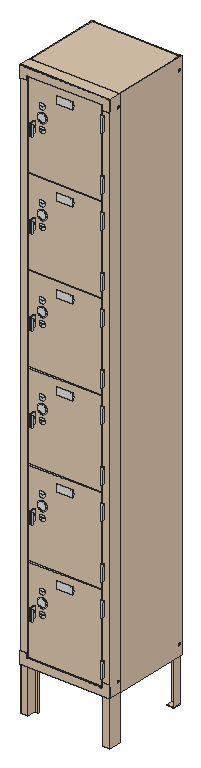
Revit family "Metal_Vented_Lockers-Salsbury_Industries-75000_76000_Series-1_Wide_Units", category Specialty Equipment, Revit 2022 (continued)
Definition of nested family "Metal Locker Zee Base-Right Side"
  Types (4): name | Visible | Depth | Type Comments | Model | Description
    77575 Right - 15" D | yes | 13.362" | "Zee Base Kit for Standard Metal Lockers - No Legs" | "77575" | "4\" H x 6' L - for 12\" Deep Lockers (Includes 6 Foot Front Base, 2 End Bases, Corner Splicer and 4 Rear Legs)"
    77578 Right - 18" D | yes | 16.362" | "Zee Base Kit for Standard Metal Lockers - No Legs" | "77578" | "4\" H x 6' L - for 12\" Deep Lockers (Includes 6 Foot Front Base, 2 End Bases, Corner Splicer and 4 Rear Legs)"
    None | no | 10.362" | "End Base for Standard Metal Lockers" | "" | ""
  Reference planes (in)
    plane 1 "Center (Front/Back)": y = 0
    plane 2: z = 0
    plane 3 "Center (Left/Right)": x = 3.99
    plane 4 "Floor": z = 0
    plane 5 "Top of Enclosure": z = 4
    plane 6 "Left Edge of Insert": x = 4.77
    plane 7 "Right Side of Unit": x = 5.99
    plane 8 "Left Edge of Enclosure": y = -8.181
    plane 9 "Right Edge of Enclosure": y = 8.181
    plane 10 "Bottom Edge of Enclosure": z = 0.06
    plane 11 "Left Edge of Base": x = 1.99
  Forms (in)
    Extrusion 1, solid, material <- "Primary Structure Material", visible <- "Visible"
      sketch origin (5.99, 0, 0) x (0, 0, -1) y (0, -1, 0)
        loop
          line (-4, 6.93967) -> (-4, -6.931) -> (-3.94, -6.931) -> (-3.94, 6.93967) -> (-4, 6.93967)
      from 0.06 to 1.22
    Extrusion 2, solid, material <- "Primary Structure Material", visible <- "Visible"
      sketch origin (0, 0, 0) x (0, -1, 0) y (1, 0, 0)
        loop
          line (-8.181, 1.99) -> (-8.121, 1.99) -> (-8.121, 5.93) -> (8.121, 5.93) -> (8.121, 1.99) -> (8.181, 1.99) -> (8.181, 5.99) -> (-8.181, 5.99) -> (-8.181, 1.99)
      from 0.06 to 4
  Dimensions and locks (in)
    "Height": plane 5 "Top of Enclosure" to plane 4 "Floor"
    equal spacing: plane 8 "Left Edge of Enclosure", plane 1 "Center (Front/Back)", plane 9 "Right Edge of Enclosure"
    "Depth": plane 8 "Left Edge of Enclosure" to plane 9 "Right Edge of Enclosure"
    "Width": plane 11 "Left Edge of Base" to plane 7 "Right Side of Unit"
    equal spacing: plane 11 "Left Edge of Base", plane 3 "Center (Left/Right)", plane 7 "Right Side of Unit"
    locked: plane 4 "Floor" to plane 10 "Bottom Edge of Enclosure" at 0.06
    aligned and locked: level to plane 2
    aligned and locked: plane 6 "Left Edge of Insert" to Extrusion 1
    aligned and locked: Extrusion 2 to plane 9 "Right Edge of Enclosure"
    aligned and locked: Extrusion 2 to plane 10 "Bottom Edge of Enclosure"
    aligned and locked: plane 11 "Left Edge of Base" to Extrusion 2
  Automatic sketch dimensions
    plane 5 "Top of Enclosure" to Extrusion 1 sketch curve = 0.000"
    Extrusion 1 sketch curve to Extrusion 1 sketch curve = 0.060"
    plane 9 "Right Edge of Enclosure" to Extrusion 1 sketch curve = 1.250"
    Extrusion 1 sketch curve to plane 8 "Left Edge of Enclosure" = 1.24133"
    Extrusion 2 sketch curve to plane 7 "Right Side of Unit" = 0.000"
    plane 9 "Right Edge of Enclosure" to Extrusion 2 sketch curve = 0.000"
    plane 6 "Left Edge of Insert" to Extrusion 2 sketch curve = 2.780"  (x2)
    Extrusion 2 sketch curve to Extrusion 2 sketch curve = 0.060"
    plane 7 "Right Side of Unit" to Extrusion 2 sketch curve = 0.060"
    Extrusion 2 sketch curve to plane 8 "Left Edge of Enclosure" = 0.060"
    Extrusion 2 sketch curve to plane 8 "Left Edge of Enclosure" = 0.000"
Definition of nested family "Metal Locker Zee Base-Left Side"
  Parameters (values of type "77572 Left - 12" D")
    Width including Rivet [instance] = 1.290"
    Visible = yes
    Primary Structure Material = none
    Depth = 10.362"
    Version = "1.0 (11/30/15)"
    Type Comments = "Zee Base Kit for Standard Metal Lockers - No Legs"
    Model = "77572"
    MasterFormat Title = ""
    MasterFormat Number = ""
    Manufacturer = "Salsbury Industries"
    Description = "4\" H x 6' L - for 12\" Deep Lockers (Includes 6 Foot Front Base, 2 End Bases, Corner Splicer and 4 Rear Legs)"
    Width = 4.000"
    Height = 4.000"
    Default Elevation = 0.000"
    Assembly Code = ""
  Types (4): name | Visible | Depth | Type Comments | Model | Description
    77572 Left - 12" D | yes | 10.362" | "Zee Base Kit for Standard Metal Lockers - No Legs" | "77572" | "4\" H x 6' L - for 12\" Deep Lockers (Includes 6 Foot Front Base, 2 End Bases, Corner Splicer and 4 Rear Legs)"
    77575 Left - 15" D | yes | 13.362" | "Zee Base Kit for Standard Metal Lockers - No Legs" | "77575" | "4\" H x 6' L - for 12\" Deep Lockers (Includes 6 Foot Front Base, 2 End Bases, Corner Splicer and 4 Rear Legs)"
    77578 Left- 18" D | yes | 16.362" | "Zee Base Kit for Standard Metal Lockers - No Legs" | "77578" | "4\" H x 6' L - for 12\" Deep Lockers (Includes 6 Foot Front Base, 2 End Bases, Corner Splicer and 4 Rear Legs)"
    None | no | 10.362" | "End Base for Standard Metal Lockers" | "" | ""
  Reference planes (in)
    plane 1 "Center (Front/Back)": y = 0
    plane 2: z = 0
    plane 3 "Center (Left/Right)": x = 3.99
    plane 4 "Floor": z = 0
    plane 5 "Top of Enclosure": z = 4
    plane 6 "Right Side of Unit": x = 5.99
    plane 7 "Left Edge of Enclosure": y = -5.181
    plane 8 "Right Edge of Enclosure": y = 5.181
    plane 9 "Bottom Edge of Enclosure": z = 0.06
    plane 10 "Left Edge of Base": x = 1.99
    plane 11 "Right Edge of Inser": x = 3.21
  Forms (in)
    Extrusion 1, solid, material <- "Primary Structure Material", visible <- "Visible"
      sketch origin (7.98, 0, 0) x (0, -1, 0) y (1, 0, 0)
        loop
          line (-5.181, -1.99) -> (-5.181, -5.99) -> (5.181, -5.99) -> (5.181, -1.99) -> (5.121, -1.99) -> (5.121, -5.93) -> (-5.121, -5.93) -> (-5.121, -1.99) -> (-5.181, -1.99)
      from 0.06 to 4
    Extrusion 2, solid, material <- "Primary Structure Material", visible <- "Visible"
      sketch origin (1.99, 0, 0) x (0, 0, -1) y (0, 1, 0)
        loop
          line (-4, -3.93967) -> (-3.94, -3.93967) -> (-3.94, 3.931) -> (-4, 3.931) -> (-4, -3.93967)
      from 0.06 to 1.22
  Dimensions and locks (in)
    "Height": plane 5 "Top of Enclosure" to plane 4 "Floor"
    equal spacing: plane 7 "Left Edge of Enclosure", plane 1 "Center (Front/Back)", plane 8 "Right Edge of Enclosure"
    "Depth": plane 7 "Left Edge of Enclosure" to plane 8 "Right Edge of Enclosure"
    "Width": plane 10 "Left Edge of Base" to plane 6 "Right Side of Unit"
    equal spacing: plane 10 "Left Edge of Base", plane 3 "Center (Left/Right)", plane 6 "Right Side of Unit"
    locked: plane 4 "Floor" to plane 9 "Bottom Edge of Enclosure" at 0.06
    aligned and locked: level to plane 2
    aligned and locked: plane 10 "Left Edge of Base" to Extrusion 1
  Automatic sketch dimensions
    plane 8 "Right Edge of Enclosure" to Extrusion 1 sketch curve = 0.000"
    Extrusion 1 sketch curve to plane 6 "Right Side of Unit" = 0.000"  (x2)
    plane 7 "Left Edge of Enclosure" to Extrusion 1 sketch curve = 0.000"
    Extrusion 1 sketch curve to plane 10 "Left Edge of Base" = 0.000"
    Extrusion 1 sketch curve to Extrusion 1 sketch curve = 0.060"
    plane 7 "Left Edge of Enclosure" to Extrusion 1 sketch curve = 0.060"
    plane 10 "Left Edge of Base" to Extrusion 1 sketch curve = 0.060"
    plane 5 "Top of Enclosure" to Extrusion 2 sketch curve = 0.000"
    Extrusion 2 sketch curve to Extrusion 2 sketch curve = 0.060"
    Extrusion 2 sketch curve to plane 7 "Left Edge of Enclosure" = 1.24133"
    plane 8 "Right Edge of Enclosure" to Extrusion 2 sketch curve = 1.250"
Definition of nested family "Metal Locker Zee Base Corner"
  Parameters (values of type "77572, 77575, 77578")
    Width = 2.000"
    Visible = yes
    Version = "1.0 (11/30/15)"
    Type Comments = "Zee Base Kit for Standard Metal Lockers - No Legs"
    Primary Structure Material = none
    Model = "n/a"
    Manufacturer = "Salsbury Industries"
    Height = 3.940"
    Description = "4\" H x 6' L - for 12\" Deep Lockers (Includes 6 Foot Front Base, 2 End Bases, Corner Splicer and 4 Rear Legs)"
    Depth = 2.000"
    Default Elevation = 0.000"
  Types (2): name | Visible
    77572, 77575, 77578 | yes
    None | no
  Reference planes (in)
    plane 1 "Center (Front/Back)": y = 0
    plane 2 "Bottom of Component": z = 0
    plane 3 "Center (Left/Right)": x = 0
    plane 4: z = 3.94
    plane 5: x = -1
    plane 6: x = 1
    plane 7 "Front": y = -1
    plane 8 "Back": y = 1
  Forms (in)
    Extrusion 1, solid, material <- "Primary Structure Material", visible <- "Visible"
      sketch origin (0, 0, 0) x (1, 0, 0) y (0, 1, 0)
        loop
          line (-1, 1) -> (-1, 0.94) -> (0.94, 0.94) -> (0.94, -1) -> (1, -1) -> (1, 1) -> (-1, 1)
      from 0 to 3.94
  Dimensions and locks (in)
    "Height": plane 4 to plane 2 "Bottom of Component"
    equal spacing: plane 5, plane 3 "Center (Left/Right)", plane 6
    "Width": plane 5 to plane 6
    equal spacing: plane 7 "Front", plane 1 "Center (Front/Back)", plane 8 "Back"
    "Depth": plane 7 "Front" to plane 8 "Back"
    aligned and locked: plane 2 "Bottom of Component" to level
  Automatic sketch dimensions
    Extrusion 1 sketch curve to plane 5 = 0.000"
    plane 7 "Front" to Extrusion 1 sketch curve = 0.000"
    Extrusion 1 sketch curve to plane 6 = 0.000"
    plane 8 "Back" to Extrusion 1 sketch curve = 0.000"
    plane 6 to Extrusion 1 sketch curve = 0.060"
    Extrusion 1 sketch curve to Extrusion 1 sketch curve = 0.060"
Definition of nested family "Metal Locker End Panel"
  Parameters (values of type "77362 - for 6' H x 12" D Lockers")
    Width = 0.925"
    Visible = yes
    Version = "1.0 (11/30/15)"
    Type Comments = "Finished End Panel for Standard Metal Lockers"
    Primary Structure Material = none
    Model = "77362"
    MasterFormat Title = ""
    MasterFormat Number = ""
    Manufacturer = "Salsbury Industries"
    Height = 72.000"
    Description = "End Panel for 6' H x 12\" Deep Lockers"
    Depth = 12.010"
    Default Elevation = 0.000"
    Assembly Code = ""
  Types (7): name | Visible | Model | Height | Description | Depth
    77362 - for 6' H x 12" D Lockers | yes | "77362" | 72.000" | "End Panel for 6' H x 12\" Deep Lockers" | 12.010"
    77365 - for 6' H x 15" D Lockers | yes | "77365" | 72.000" | "End Panel for 6' H x 15\" Deep Lockers" | 15.010"
    77368 - for 6' H X 18" D Lockers | yes | "77368" | 72.000" | "End Panel for 6' H x 18\" Deep Lockers" | 18.010"
    77352 - for 5' H x 12" D Lockers | yes | "77352" | 60.000" | "End Panel for 5' H x 12\" Deep Lockers" | 12.010"
    77355 - for 5' H x 15" D Lockers | yes | "77355" | 60.000" | "End Panel for 5' H x 15\" Deep Lockers" | 15.010"
    77358 - for 5' H x 18" D Lockers | yes | "77358" | 60.000" | "End Panel for 5' H x 18\" Deep Lockers" | 18.010"
    None | no | "n/a" | 72.000" | "" | 12.010"
  Reference planes (in)
    plane 1 "Center (Front/Back)": y = -2.167
    plane 2: z = 0
    plane 3 "Center (Left/Right)": x = -4.595
    plane 4 "Bottom of Panel": z = 0
    plane 5 "Top of Panel": z = 72
    plane 6 "Front of Panel": y = -8.172
    plane 7 "Right Side of Enclosure": x = -4.1325
    plane 8 "Left Side of Enclosure": x = -5.0575
    plane 9 "Back of Panel": y = 3.838
    plane 10: z = 36
    plane 11: z = 70.283
    plane 12: z = 1.717
    plane 13 "Outside Edge of Front Flap": y = -8.23214
    plane 14 "Outside Edge of Back Flap": y = 3.898
  Forms (in)
    Extrusion 1, solid, material <- "Primary Structure Material", visible <- "Visible"
      sketch origin (-4.1325, 0.48244, 0) x (0, 0, -1) y (0, -1, 0)
        loop
          line (-72, 8.71458) -> (-72, -3.41556) -> (0, -3.41556) -> (0, 8.71458) -> (-72, 8.71458)
      from 0 to -0.06
    Extrusion 2, solid, material <- "Primary Structure Material", visible <- "Visible"
      sketch origin (0, 3.838, 0) x (0, 0, -1) y (1, 0, 0)
        loop
          line (-72, -5.0575) -> (0, -5.0575) -> (0, -4.1325) -> (-72, -4.1325) -> (-72, -5.0575)
      from 0 to -0.06
    Extrusion 3, solid, material <- "Primary Structure Material", visible <- "Visible"
      sketch origin (0, -8.172, 0) x (1, 0, 0) y (0, 0, 1)
        loop
          line (-5.0575, 70.283) -> (-5.0575, 1.717) -> (-4.1325, 1.717) -> (-4.1325, 70.283) -> (-5.0575, 70.283)
      from 0.06014 to 0
  Dimensions and locks (in)
    equal spacing: plane 6 "Front of Panel", plane 1 "Center (Front/Back)", plane 9 "Back of Panel"
    "Depth": plane 6 "Front of Panel" to plane 9 "Back of Panel"
    equal spacing: plane 8 "Left Side of Enclosure", plane 3 "Center (Left/Right)", plane 7 "Right Side of Enclosure"
    "Width": plane 8 "Left Side of Enclosure" to plane 7 "Right Side of Enclosure"
    equal spacing: plane 5 "Top of Panel", plane 10, plane 2
    "Height": plane 5 "Top of Panel" to plane 2
    locked: plane 5 "Top of Panel" to plane 11 at 1.717
    locked: plane 13 "Outside Edge of Front Flap" to plane 6 "Front of Panel" at 0.06014
    locked: plane 9 "Back of Panel" to plane 14 "Outside Edge of Back Flap" at 0.06
    aligned and locked: level to plane 2
    aligned and locked: plane 5 "Top of Panel" to Extrusion 1 sketch curve
    aligned and locked: plane 5 "Top of Panel" to Extrusion 2 sketch curve
    aligned and locked: Extrusion 2 to plane 9 "Back of Panel"
    aligned and locked: plane 11 to Extrusion 3 sketch curve
    aligned and locked: plane 6 "Front of Panel" to Extrusion 3
    aligned and locked: plane 14 "Outside Edge of Back Flap" to Extrusion 2
    aligned and locked: Extrusion 1 to plane 14 "Outside Edge of Back Flap"
    aligned and locked: plane 13 "Outside Edge of Front Flap" to Extrusion 3
    aligned and locked: Extrusion 2 to plane 7 "Right Side of Enclosure"
    aligned and locked: Extrusion 3 to plane 7 "Right Side of Enclosure"
  Automatic sketch dimensions
    Extrusion 1 sketch curve to level = 0.000"
    Extrusion 2 sketch curve to level = 0.000"
    plane 8 "Left Side of Enclosure" to Extrusion 2 sketch curve = 0.000"
    plane 7 "Right Side of Enclosure" to Extrusion 2 sketch curve = 0.000"
    plane 8 "Left Side of Enclosure" to Extrusion 3 sketch curve = 0.000"
    Extrusion 3 sketch curve to plane 12 = 0.000"
    plane 7 "Right Side of Enclosure" to Extrusion 3 sketch curve = 0.000"
    Extrusion 1 sketch curve to plane 14 "Outside Edge of Back Flap" = 0.000"
    plane 6 "Front of Panel" to Extrusion 1 sketch curve = 0.06014"
Definition of nested family "Metal Locker Front Filler"
  Parameters (values of type "77869 - for 6' H Lockers (Zee Base or No Legs)")
    Width = 9.000"
    Visible = yes
    Version = "1.0 (11/30/15)"
    Type Comments = "Vertical Front Filler for Standard Metal Lockers"
    Primary Structure Material = none
    Model = "77865"
    MasterFormat Title = ""
    MasterFormat Number = ""
    Manufacturer = "Salsbury Industries"
    Height = 72.000"
    Description = "9\" W Vertical Front Filler for 6' H Lockers"
    Depth = 1.500"
    Default Elevation = 0.000"
    Assembly Code = ""
  Types (9): name | Width | Visible | Model | Height | Description | Depth
    77865 - for 6' H Lockers with Legs | 15.000" | yes | "77865" | 78.000" | "15\" W Vertical Front Filler for 6' H Lockers" | 1.000"
    77869 - for 6' H Lockers with Legs | 9.000" | yes | "77865" | 78.000" | "9\" W Vertical Front Filler for 6' H Lockers" | 1.000"
    77855 - for 5' H Lockers with Legs | 15.000" | yes | "77855" | 66.000" | "15\" W Vertical Front Filler for 5' H Lockers" | 1.000"
    77859 - for 5' H Lockers with Legs | 9.000" | yes | "77859" | 66.000" | "9\" W Vertical Front Filler for 5' H Lockers" | 1.000"
    None | 15.000" | no | "n/a" | 78.000" | "" | 1.500"
    77865 - for 6' H Lockers (Zee Base or No Legs) | 15.000" | yes | "77865" | 72.000" | "15\" W Vertical Front Filler for 6' H Lockers" | 1.000"
    77869 - for 6' H Lockers (Zee Base or No Legs) | 9.000" | yes | "77865" | 72.000" | "9\" W Vertical Front Filler for 6' H Lockers" | 1.500"
    77859 - for 5' H Lockers (Zee Base or No Legs) | 9.000" | yes | "77859" | 60.000" | "9\" W Vertical Front Filler for 5' H Lockers" | 1.000"
    77855 - for 5' H Lockers (Zee Base or No Legs) | 15.000" | yes | "77855" | 60.000" | "15\" W Vertical Front Filler for 5' H Lockers" | 1.000"
  Reference planes (in)
    plane 1 "Center (Front/Back)": y = -2.167
    plane 2: z = 0
    plane 3 "Center (Left/Right)": x = -4.595
    plane 4 "Bottom of Filler": z = 0
    plane 5 "Top of Panel": z = 72
    plane 6 "Front of Filler": y = -2.917
    plane 7 "Right Side of Filler": x = -0.095
    plane 8 "Left Side of Filler": x = -9.095
    plane 9 "Back of Filler": y = -1.417
    plane 10: z = 36
  Forms (in)
    Extrusion 1, solid, material <- "Primary Structure Material", visible <- "Visible"
      sketch origin (0, 0, 0) x (0, -1, 0) y (1, 0, 0)
        loop
          line (1.417, -9.095) -> (2.917, -9.095) -> (2.917, -1.095) -> (2.869, -1.095) -> (2.869, -9.047) -> (1.417, -9.047) -> (1.417, -9.095)
      from 0 to 72
    Extrusion 2, solid, material <- "Primary Structure Material", visible <- "Visible"
      sketch origin (0, -0.20425, 0) x (0, -1, 0) y (1, 0, 0)
        loop
          line (1.30875, -0.095) -> (1.30875, -0.143) -> (2.76075, -0.143) -> (2.76075, -1.595) -> (2.80875, -1.595) -> (2.80875, -0.095) -> (1.30875, -0.095)
      from 0 to 72
    Extrusion 3, solid, material <- "Primary Structure Material", visible <- "Visible"
      sketch origin (0, 0.10825, 0) x (0, -1, 0) y (1, 0, 0)
        loop
          line (3.07325, -1.595) -> (3.07325, -0.82524) -> (3.02525, -0.82524) -> (3.02525, -1.376) -> (3.02525, -1.449) -> (3.02525, -1.522) -> (3.02525, -1.595) -> (3.07325, -1.595)
      from 0 to 72
    Extrusion 4, solid, material <- "Primary Structure Material", visible <- "Visible"
      sketch origin (0, 0, 0) x (0, -1, 0) y (1, 0, 0)
        loop
          line (2.917, -0.82524) -> (2.821, -0.82524) -> (2.821, -1.80024) -> (2.869, -1.80024) -> (2.869, -0.87324) -> (2.917, -0.87324) -> (2.917, -0.82524)
      from 0 to 72
  Dimensions and locks (in)
    equal spacing: plane 6 "Front of Filler", plane 1 "Center (Front/Back)", plane 9 "Back of Filler"
    "Depth": plane 6 "Front of Filler" to plane 9 "Back of Filler"
    equal spacing: plane 8 "Left Side of Filler", plane 3 "Center (Left/Right)", plane 7 "Right Side of Filler"
    "Width": plane 8 "Left Side of Filler" to plane 7 "Right Side of Filler"
    equal spacing: plane 5 "Top of Panel", plane 10, plane 2
    "Height": plane 5 "Top of Panel" to plane 2
    aligned and locked: level to plane 2
    aligned and locked: Extrusion 1 to plane 5 "Top of Panel"
    aligned and locked: Extrusion 2 to plane 5 "Top of Panel"
    aligned and locked: Extrusion 3 to plane 5 "Top of Panel"
    aligned and locked: Extrusion 4 to plane 5 "Top of Panel"
  Automatic sketch dimensions
    plane 9 "Back of Filler" to Extrusion 1 sketch curve = 0.000"
    plane 6 "Front of Filler" to Extrusion 1 sketch curve = 0.000"
    Extrusion 1 sketch curve to plane 8 "Left Side of Filler" = 0.000"
    Extrusion 1 sketch curve to plane 6 "Front of Filler" = 0.048"
    Extrusion 1 sketch curve to Extrusion 1 sketch curve = 0.048"
    plane 7 "Right Side of Filler" to Extrusion 1 sketch curve = 1.000"
    Extrusion 2 sketch curve to plane 7 "Right Side of Filler" = 0.000"
    plane 7 "Right Side of Filler" to Extrusion 2 sketch curve = 0.048"
    plane 9 "Back of Filler" to Extrusion 2 sketch curve = 0.096"
    plane 6 "Front of Filler" to Extrusion 2 sketch curve = 0.048"
    Extrusion 2 sketch curve to Extrusion 2 sketch curve = 0.048"
    Extrusion 2 sketch curve to Extrusion 2 sketch curve = 1.452"
    plane 6 "Front of Filler" to Extrusion 3 sketch curve = 0.000"
    plane 7 "Right Side of Filler" to Extrusion 3 sketch curve = 1.500"
    Extrusion 3 sketch curve to Extrusion 3 sketch curve = 0.073"  (x3)
    Extrusion 3 sketch curve to Extrusion 3 sketch curve = 0.55076"
    Extrusion 3 sketch curve to Extrusion 3 sketch curve = 0.048"
    plane 6 "Front of Filler" to Extrusion 4 sketch curve = 0.000"
    Extrusion 4 sketch curve to plane 6 "Front of Filler" = 0.048"
    Extrusion 4 sketch curve to Extrusion 4 sketch curve = 0.048"  (x2)
    plane 7 "Right Side of Filler" to Extrusion 4 sketch curve = 1.70524"
    plane 7 "Right Side of Filler" to Extrusion 4 sketch curve = 0.77824"
Definition of nested family "Metal Locker Flat Top Filler"
  Parameters (values of type "77842 - for 12" Deep Lockers (15" W)")
    Width = 16.250"
    Visible = yes
    Version = "1.0 (11/30/15)"
    Type Comments = "Flat Top Filler for Standard Metal Lockers"
    Primary Structure Material = none
    Model = "77842"
    MasterFormat Title = ""
    MasterFormat Number = ""
    Manufacturer = "Salsbury Industries"
    Height = 1.003"
    Description = "15\"W Flat Top In-Line Filler"
    Depth = 12.118"
    Default Elevation = 0.000"
    Assembly Code = ""
  Types (7): name | Width | Visible | Model | Depth
    77842 - for 12" Deep Lockers (15" W) | 16.250" | yes | "77842" | 12.118"
    77842 - for 12" Deep Lockers (9" W) | 10.250" | yes | "77842" | 12.118"
    77845 - for 15" Deep Lockers (15" W) | 16.250" | yes | "77845" | 15.118"
    77845 - for 15" Deep Lockers (9" W) | 10.250" | yes | "77845" | 15.118"
    77848 - for 18" Deep Lockers (15" W) | 16.250" | yes | "77848" | 18.118"
    77848 - for 18" Deep Lockers (9" W) | 10.250" | yes | "77848" | 18.118"
    None | 16.250" | no | "" | 12.118"
  Reference planes (in)
    plane 1 "Center (Front/Back)": y = -2.167
    plane 2: z = 0
    plane 3 "Center (Left/Right)": x = -4.595
    plane 4 "Bottom of Panel": z = 0
    plane 5 "Top of Panel": z = 1.003
    plane 6 "Front of Panel": y = -8.226
    plane 7 "Right Side of Enclosure": x = 3.53
    plane 8 "Left Side of Enclosure": x = -12.72
    plane 9 "Back of Panel": y = 3.892
    plane 10: z = 0.5015
  Forms (in)
    Extrusion 1, solid, material <- "Primary Structure Material", visible <- "Visible"
      sketch origin (-4.595, 0, 0) x (0, 1, 0) y (0, 0, 1)
        loop
          line (-8.226, 0) -> (-8.178, 0) -> (-8.178, 0.955) -> (3.892, 0.955) -> (3.892, 1.003) -> (-8.226, 1.003) -> (-8.226, 0)
      from -8.125 to 8.125
  Dimensions and locks (in)
    equal spacing: plane 6 "Front of Panel", plane 1 "Center (Front/Back)", plane 9 "Back of Panel"
    "Depth": plane 6 "Front of Panel" to plane 9 "Back of Panel"
    equal spacing: plane 8 "Left Side of Enclosure", plane 3 "Center (Left/Right)", plane 7 "Right Side of Enclosure"
    "Width": plane 8 "Left Side of Enclosure" to plane 7 "Right Side of Enclosure"
    equal spacing: plane 5 "Top of Panel", plane 10, plane 2
    "Height": plane 5 "Top of Panel" to plane 2
    aligned and locked: level to plane 2
    aligned and locked: Extrusion 1 to plane 7 "Right Side of Enclosure"
    aligned and locked: plane 8 "Left Side of Enclosure" to Extrusion 1
    aligned and locked: plane 6 "Front of Panel" to Extrusion 1
    aligned and locked: Extrusion 1 to plane 9 "Back of Panel"
  Automatic sketch dimensions
    plane 5 "Top of Panel" to Extrusion 1 sketch curve = 0.000"
    Extrusion 1 sketch curve to plane 6 "Front of Panel" = 0.000"
    Extrusion 1 sketch curve to level = 0.000"
    Extrusion 1 sketch curve to plane 9 "Back of Panel" = 0.000"
    Extrusion 1 sketch curve to plane 6 "Front of Panel" = 0.048"
    plane 5 "Top of Panel" to Extrusion 1 sketch curve = 0.048"
Definition of nested family "Metal Locker Flat Corner Filler"
  Parameters (values of type "77832 - for 12" Deep Lockers")
    Width = 12.625"
    Visible = yes
    Version = "1.0 (11/30/15)"
    Type Comments = "Flat Top Corner Filler for Standard Metal Lockers"
    Primary Structure Material = none
    Model = "77832"
    MasterFormat Title = ""
    MasterFormat Number = ""
    Manufacturer = "Salsbury Industries"
    Height = 0.048"
    Description = "12\"W Flat Top Corner Filler"
    Depth = 12.625"
    Default Elevation = 0.000"
    Assembly Code = ""
  Types (4): name | Width | Visible | Model | Description | Depth
    77832 - for 12" Deep Lockers | 12.625" | yes | "77832" | "12\"W Flat Top Corner Filler" | 12.625"
    77835 - for 15" Deep Lockers | 15.625" | yes | "77835" | "15\"W Flat Top Corner Filler" | 15.625"
    77838 - for 18" Deep Lockers | 18.625" | yes | "77838" | "18\"W Flat Top Corner Filler" | 18.625"
    None | 12.625" | no | "" | "" | 12.625"
  Reference planes (in)
    plane 1 "Center (Front/Back)": y = -2.167
    plane 2: z = 0
    plane 3 "Center (Left/Right)": x = -4.595
    plane 4 "Bottom of Panel": z = 0
    plane 5 "Top of Panel": z = 0.048
    plane 6 "Front of Panel": y = -8.4795
    plane 7 "Right Side of Enclosure": x = 1.7175
    plane 8 "Left Side of Enclosure": x = -10.9075
    plane 9 "Back of Panel": y = 4.1455
    plane 10: z = 0.024
  Forms (in)
    Extrusion 1, solid, material <- "Primary Structure Material", visible <- "Visible"
      sketch origin (0, 0, 0) x (0, -1, 0) y (1, 0, 0)
        loop
          line (7.8545, -10.9075) -> (7.8545, -10.2825) -> (8.4795, -10.2825) -> (8.4795, 1.7175) -> (-4.1455, 1.7175) -> (-4.1455, -10.9075) -> (7.8545, -10.9075)
      from 0 to 0.048
  Dimensions and locks (in)
    equal spacing: plane 6 "Front of Panel", plane 1 "Center (Front/Back)", plane 9 "Back of Panel"
    "Depth": plane 6 "Front of Panel" to plane 9 "Back of Panel"
    equal spacing: plane 8 "Left Side of Enclosure", plane 3 "Center (Left/Right)", plane 7 "Right Side of Enclosure"
    "Width": plane 8 "Left Side of Enclosure" to plane 7 "Right Side of Enclosure"
    equal spacing: plane 5 "Top of Panel", plane 10, plane 2
    "Height": plane 5 "Top of Panel" to plane 2
    aligned and locked: level to plane 2
    aligned and locked: Extrusion 1 to plane 9 "Back of Panel"
    aligned and locked: plane 6 "Front of Panel" to Extrusion 1
    aligned and locked: Extrusion 1 to plane 7 "Right Side of Enclosure"
    aligned and locked: plane 8 "Left Side of Enclosure" to Extrusion 1
  Automatic sketch dimensions
    Extrusion 1 sketch curve to plane 8 "Left Side of Enclosure" = 0.000"
    plane 9 "Back of Panel" to Extrusion 1 sketch curve = 0.000"
    plane 6 "Front of Panel" to Extrusion 1 sketch curve = 0.000"
    Extrusion 1 sketch curve to plane 7 "Right Side of Enclosure" = 0.000"
    Extrusion 1 sketch curve to plane 8 "Left Side of Enclosure" = 0.625"
    Extrusion 1 sketch curve to plane 6 "Front of Panel" = 0.625"
Definition of nested family "Metal Locker Sloping Hood"
  Parameters (values of type "77752 - for 12" Deep Lockers (1 Wide)")
    Width = 12.040"
    Visible = yes
    Version = "1.0 (11/30/15)"
    Type Comments = "Sloping Hood for Standard Metal Lockers"
    Slope Angle = 28.761°
    Primary Structure Material = none
    Model = "77752"
    MasterFormat Title = ""
    MasterFormat Number = ""
    Manufacturer = "Salsbury Industries"
    Height = 6.625"
    Dividing Lines = no
    Description = "12\" Deep for up to (3) 12\" Wide Lockers"
    Depth = 12.070"
    Default Elevation = 0.000"
    Assembly Code = ""
  Types (12): name | Width | Visible | Slope Angle | Model | Height | Dividing Lines | Description | Depth
    77752 - for 12" Deep Lockers (1 Wide) | 12.040" | yes | 28.761° | "77752" | 6.625" | no | "12\" Deep for up to (3) 12\" Wide Lockers" | 12.070"
    77752 - for 12" Deep Lockers (3 Wide) | 36.040" | yes | 28.761° | "77752" | 6.625" | yes | "12\" Deep for up to (3) 12\" Wide Lockers" | 12.070"
    77755 - for 15" Deep Lockers (1 Wide) | 12.040" | yes | 29.946° | "77755" | 8.682" | no | "15\" Deep for up to (3) 12\" Wide Lockers" | 15.070"
    77755 - for 15" Deep Lockers (3 Wide) | 36.040" | yes | 29.946° | "77755" | 8.628" | yes | "15\" Deep for up to (3) 12\" Wide Lockers" | 15.070"
    77758 - for 18" Deep Lockers (1 Wide) | 12.040" | yes | 30.723° | "77758" | 10.739" | no | "18\" Deep for up to (3) 12\" Wide Lockers" | 18.070"
    77758 - for 18" Deep Lockers (3 Wide) | 36.040" | yes | 30.723° | "77758" | 10.739" | yes | "18\" Deep for up to (3) 12\" Wide Lockers" | 18.070"
    None | 12.000" | no | 28.761° | "" | 6.625" | no | "" | 12.070"
    77765 - for 15" Deep Lockers (1 Wide) | 15.040" | yes | 29.946° | "77752" | 6.625" | no | "12\" Deep for up to (3) 12\" Wide Lockers" | 15.070"
    77768 - for 18" Deep Lockers (1 Wide) | 15.040" | yes | 30.723° | "77752" | 6.625" | no | "12\" Deep for up to (3) 12\" Wide Lockers" | 18.070"
    77765 - for 15" Deep Lockers (3 Wide) | 45.040" | yes | 29.946° | "77752" | 6.625" | yes | "12\" Deep for up to (3) 12\" Wide Lockers" | 15.070"
    77768 - for 18" Deep Lockers (3 Wide) | 45.040" | yes | 30.723° | "77752" | 6.625" | yes | "12\" Deep for up to (3) 12\" Wide Lockers" | 18.070"
    77759 - for 18" Deep Bridge Lockers | 72.040" | yes | 30.723° | "77752" | 6.625" | no | "12\" Deep for up to (3) 12\" Wide Lockers" | 18.070"
  Reference planes (in)
    plane 1 "Center (Front/Back)": y = -2.167
    plane 2: z = 0
    plane 3 "Center (Left/Right)": x = -4.595
    plane 4 "Bottom of Panel": z = 0
    plane 5 "Top of Panel": z = 6.625
    plane 6 "Front of Panel": y = -8.202
    plane 7 "Right Side of Enclosure": x = 1.425
    plane 8 "Left Side of Enclosure": x = -10.615
    plane 9 "Back of Panel": y = 3.868
    plane 10: z = 3.3125
    plane 11: through (0, -7.81601, 0.21186) normal (0, -0.4812, 0.8766)
    plane 12: through (0, -7.94397, 0.10626) normal (0, -0.4812, 0.8766)
    plane 13: y = 3.837
    plane 14: y = 3.806
    plane 15: y = 3.775
    plane 16: y = 3.37433
    plane 17 "Divider 1": x = -6.60167
    plane 18 "Divider 2": x = -2.58833
  Forms (in)
    Extrusion 1, solid, material <- "Primary Structure Material", visible <- "Visible"
      sketch origin (1.425, 0, 0) x (0, 0, -1) y (0, -1, 0)
        loop
          line (-6.62484, -3.868) -> (0, -3.868) -> (0, 8.202) -> (-6.62484, -3.868)
      from 0 to 0.031
    Extrusion 2, solid, material <- "Primary Structure Material", visible <- "Visible"
      sketch origin (1.425, 0, 0) x (0, 0, -1) y (0, -1, 0)
        loop
          line (0, -3.868) -> (0, -3.837) -> (-6.60783, -3.837) -> (-6.62484, -3.868) -> (0, -3.868)
      from 0.03098 to 0.40598
    Extrusion 3, solid, material <- "Primary Structure Material", visible <- "Visible"
      sketch origin (1.425, 0, 0) x (0, 0, -1) y (0, -1, 0)
        loop
          line (0, -3.837) -> (0, 8.13757) -> (-0.031, 8.08109) -> (-0.031, -3.837) -> (0, -3.837)
      from 0.031 to 0.80198
    Extrusion 4, solid, material <- "Primary Structure Material", visible <- "Visible"
      sketch origin (-10.615, 0, 0) x (0, 0, -1) y (0, -1, 0)
        loop
          line (-6.62484, -3.868) -> (0, -3.868) -> (0, 8.202) -> (-6.62484, -3.868)
      from 0 to -0.031
    Extrusion 5, solid, material <- "Primary Structure Material", visible <- "Visible"
      sketch origin (-10.615, 0, 0) x (0, 0, -1) y (0, -1, 0)
        loop
          line (0, -3.868) -> (0, -3.837) -> (-6.60783, -3.837) -> (-6.62484, -3.868) -> (0, -3.868)
      from -0.031 to -0.406
    Extrusion 6, solid, material <- "Primary Structure Material", visible <- "Visible"
      sketch origin (-10.615, 0, 0) x (0, 0, -1) y (0, -1, 0)
        loop
          line (0, -3.837) -> (0, 8.13757) -> (-0.031, 8.08109) -> (-0.031, -3.837) -> (0, -3.837)
      from -0.031 to -0.802
    Extrusion 7, solid, material <- "Primary Structure Material", visible <- "Visible"
      sketch origin (-4.595, 0, 0) x (0, 1, 0) y (0, 0, 1)
        loop
          line (3.837, 6.60783) -> (-8.202, 0) -> (-7.84238, 0) -> (-7.84238, 0.031) -> (-8.08109, 0.031) -> (3.806, 6.55545) -> (3.806, 6.21809) -> (3.837, 6.21809) -> (3.837, 6.60783)
      from -5.989 to 5.989
    Extrusion 8, solid, material <- "Primary Structure Material", visible <- "Visible"
      sketch origin (-4.595, -0.031, 0) x (0, 1, 0) y (0, 0, 1)
        loop
          line (3.837, 0.031) -> (3.837, 6.55545) -> (3.806, 6.53844) -> (3.806, 0.031) -> (3.837, 0.031)
      from -5.989 to 5.989
    Extrusion 9, solid, material <- "Primary Structure Material", visible <- "Visible"
      sketch origin (0, -0.031, 0) x (0, -1, 0) y (1, 0, 0)
        loop
          line (-3.806, -9.75653) -> (-3.40533, -9.75653) -> (-3.40533, 0.56919) -> (-3.806, 0.56919) -> (-3.806, -9.75653)
      from 0.031 to 0.06464
  Lines and regions (in)
    model lines, visible <- "Dividing Lines"
      curve 1: line (-6.60167, -8.21456, -0.0069) -> (-6.60167, 3.868, 6.62484)
      curve 2: line (-2.58833, -8.21456, -0.0069) -> (-2.58833, 3.868, 6.62484)
  Dimensions and locks (in)
    equal spacing: plane 6 "Front of Panel", plane 1 "Center (Front/Back)", plane 9 "Back of Panel"
    "Depth": plane 6 "Front of Panel" to plane 9 "Back of Panel"
    equal spacing: plane 8 "Left Side of Enclosure", plane 17 "Divider 1", plane 18 "Divider 2", plane 7 "Right Side of Enclosure"
    "Width": plane 8 "Left Side of Enclosure" to plane 7 "Right Side of Enclosure"
    equal spacing: plane 5 "Top of Panel", plane 10, plane 2
    "Height": plane 5 "Top of Panel" to plane 2
    locked: plane 11 to plane 12 at 0.031
    plane 16 to plane 15 to plane 14 to plane 13 to plane 9 "Back of Panel" = 0.40067", 0.031", 0.031", 0.031"
    equal spacing: plane 8 "Left Side of Enclosure", plane 3 "Center (Left/Right)", plane 7 "Right Side of Enclosure"
    "Slope Angle": angle plane 4 "Bottom of Panel" to plane 11
    aligned and locked: level to plane 2
    aligned and locked: Extrusion 1 to plane 9 "Back of Panel"
    aligned and locked: plane 4 "Bottom of Panel" to Extrusion 1
    aligned and locked: Extrusion 7 to Extrusion 1
    aligned and locked: Extrusion 7 to Extrusion 4
    aligned and locked: Extrusion 7 to Extrusion 8  (x2)
    aligned and locked: plane 11 to Extrusion 7 sketch curve
    aligned and locked: plane 12 to Extrusion 7 sketch curve
    aligned and locked: plane 12 to Extrusion 8 sketch curve
    aligned and locked: Extrusion 4 sketch curve to plane 11
    aligned and locked: Extrusion 1 sketch curve to plane 11
    aligned and locked: Extrusion 3 sketch curve to plane 12
    aligned and locked: Extrusion 6 sketch curve to plane 12
    aligned and locked: plane 13 to Extrusion 7
    aligned and locked: plane 14 to Extrusion 8
    aligned and locked: plane 15 to Extrusion 8
    aligned and locked: plane 16 to Extrusion 9
    aligned and locked: plane 13 to Extrusion 7 sketch curve
    aligned and locked: Extrusion 7 sketch curve to plane 14
    aligned and locked: plane 13 to Extrusion 2 sketch curve
    aligned and locked: plane 11 to Extrusion 2 sketch curve
    aligned and locked: plane 13 to Extrusion 5 sketch curve
    aligned and locked: plane 11 to Extrusion 5 sketch curve
    aligned and locked: curve 2 to plane 18 "Divider 2"
    aligned and locked: curve 1 to plane 17 "Divider 1"
  Automatic sketch dimensions
    Extrusion 7 sketch curve to level = 0.000"
    level to Extrusion 7 sketch curve = 0.031"
    Extrusion 7 sketch curve to Extrusion 7 sketch curve = 0.23871"
    Extrusion 7 sketch curve to Extrusion 7 sketch curve = 0.33736"
    Extrusion 1 sketch curve to plane 9 "Back of Panel" = 0.000"
    Extrusion 1 sketch curve to level = 0.000"
    Extrusion 2 sketch curve to plane 9 "Back of Panel" = 0.000"
    Extrusion 2 sketch curve to level = 0.000"
    Extrusion 3 sketch curve to plane 13 = 0.000"
    Extrusion 3 sketch curve to level = 0.000"
    level to Extrusion 3 sketch curve = 0.031"
    Extrusion 4 sketch curve to plane 9 "Back of Panel" = 0.000"
    Extrusion 4 sketch curve to level = 0.000"
    Extrusion 5 sketch curve to plane 9 "Back of Panel" = 0.000"
    Extrusion 5 sketch curve to level = 0.000"
    Extrusion 6 sketch curve to plane 13 = 0.000"
    Extrusion 6 sketch curve to level = 0.000"
    Extrusion 6 sketch curve to Extrusion 6 sketch curve = 0.031"
    Extrusion 8 sketch curve to plane 15 = 0.000"
    Extrusion 8 sketch curve to plane 14 = 0.000"
    level to Extrusion 8 sketch curve = 0.031"
    plane 15 to Extrusion 9 sketch curve = 0.000"
    plane 16 to Extrusion 9 sketch curve = 0.000"
    Extrusion 9 sketch curve to plane 8 "Left Side of Enclosure" = 0.85847"
    plane 7 "Right Side of Enclosure" to Extrusion 9 sketch curve = 0.85581"
    curve 1 to plane 9 "Back of Panel" = 0.000"
    plane 11 to curve 1 = 0.000"
    curve 1 to plane 11 = 0.000"
    curve 1 to level = 0.0069"
    curve 2 to plane 9 "Back of Panel" = 0.000"
    plane 11 to curve 2 = 0.000"
    curve 2 to plane 11 = 0.000"
    curve 2 to level = 0.0069"
Definition of nested family "Metal Locker Sloping Top Filler"
  Parameters (values of type "77882 - for 12" Deep Lockers (15" W)")
    Width = 16.250"
    Visible = yes
    Version = "1.0 (11/30/15)"
    Type Comments = "Sloping Hood In-Line Filler for Standard Metal Lockers"
    Slope Angle = 28.761°
    Primary Structure Material = none
    Model = "77882"
    MasterFormat Title = ""
    MasterFormat Number = ""
    Manufacturer = "Salsbury Industries"
    Height = 1.003"
    Description = "15\"W Sloping Hood In-Line Filler"
    Depth = 12.118"
    Default Elevation = 0.000"
    Assembly Code = ""
  Types (7): name | Width | Visible | Type Comments | Slope Angle | Model | Description | Depth
    77882 - for 12" Deep Lockers (15" W) | 16.250" | yes | "Sloping Hood In-Line Filler for Standard Metal Lockers" | 28.761° | "77882" | "15\"W Sloping Hood In-Line Filler" | 12.118"
    77882 - for 12" Deep Lockers (9" W) | 10.250" | yes | "Sloping Hood In-Line Filler for Standard Metal Lockers" | 28.761° | "77882" | "15\"W Sloping Hood In-Line Filler" | 12.118"
    77885 - for 15" Deep Lockers (15" W) | 16.250" | yes | "Sloping Hood In-Line Filler for Standard Metal Lockers" | 29.946° | "77885" | "15\"W Sloping Hood In-Line Filler" | 15.118"
    77885 - for 15" Deep Lockers (9" W) | 10.250" | yes | "Sloping Hood In-Line Filler for Standard Metal Lockers" | 29.946° | "77885" | "15\"W Sloping Hood In-Line Filler" | 15.118"
    77888 - for 18" Deep Lockers (15" W) | 16.250" | yes | "Sloping Hood In-Line Filler for Standard Metal Lockers" | 30.723° | "77888" | "15\"W Sloping Hood In-Line Filler" | 18.118"
    77888 - for 18" Deep Lockers (9" W) | 10.250" | yes | "Sloping Hood In-Line Filler for Standard Metal Lockers" | 30.723° | "77888" | "15\"W Sloping Hood In-Line Filler" | 18.118"
    None | 16.250" | no | "Sloping Hood for Standard Metal Lockers" | 28.761° | "" | "" | 12.118"
  Reference planes (in)
    plane 1 "Center (Front/Back)": y = -2.167
    plane 2: z = 0
    plane 3 "Center (Left/Right)": x = -4.595
    plane 4 "Bottom of Panel": z = 0
    plane 5 "Top of Panel": z = 1.003
    plane 6 "Front of Panel": y = -8.226
    plane 7 "Right Side of Enclosure": x = 3.53
    plane 8 "Left Side of Enclosure": x = -12.72
    plane 9 "Back of Panel": y = 3.892
    plane 10: z = 0.5015
    plane 11: through (0, -7.6072, 0.33964) normal (0, -0.4812, 0.8766)
    plane 12: through (0, -7.72698, 0.21914) normal (0, -0.4812, 0.8766)
  Forms (in)
    Extrusion 1, solid, material <- "Primary Structure Material", visible <- "Visible"
      sketch origin (-4.595, 0, 0) x (0, 1, 0) y (0, 0, 1)
        loop
          line (3.892, 6.65119) -> (-8.226, 0) -> (-8.226, -1.028) -> (-8.178, -1.028) -> (-8.178, -0.02841) -> (3.892, 6.59643) -> (3.892, 6.65119)
      from -8.125 to 8.125
  Dimensions and locks (in)
    equal spacing: plane 6 "Front of Panel", plane 1 "Center (Front/Back)", plane 9 "Back of Panel"
    "Depth": plane 6 "Front of Panel" to plane 9 "Back of Panel"
    equal spacing: plane 8 "Left Side of Enclosure", plane 3 "Center (Left/Right)", plane 7 "Right Side of Enclosure"
    "Width": plane 8 "Left Side of Enclosure" to plane 7 "Right Side of Enclosure"
    equal spacing: plane 5 "Top of Panel", plane 10, plane 2
    "Height": plane 5 "Top of Panel" to plane 2
    locked: plane 11 to plane 12 at 0.048
    "Slope Angle": angle plane 4 "Bottom of Panel" to plane 11
    aligned and locked: level to plane 2
    aligned and locked: plane 11 to Extrusion 1 sketch curve
    aligned and locked: plane 12 to Extrusion 1 sketch curve
    aligned and locked: Extrusion 1 to plane 7 "Right Side of Enclosure"
    aligned and locked: plane 8 "Left Side of Enclosure" to Extrusion 1
  Automatic sketch dimensions
    Extrusion 1 sketch curve to plane 6 "Front of Panel" = 0.000"
    Extrusion 1 sketch curve to Extrusion 1 sketch curve = 0.99959"
    Extrusion 1 sketch curve to level = 0.02841"
    Extrusion 1 sketch curve to plane 9 "Back of Panel" = 0.000"
Definition of nested family "Metal Locker Sloping Corner Filler"
  Parameters (values of type "77872 - for 12" Deep Lockers")
    Width = 12.695"
    Visible = yes
    Version = "1.0 (11/30/15)"
    Type Comments = "Sloping Hood Corner Filler for Standard Metal Lockers"
    Slope Angle 2 = 28.761°
    Slope Angle 1 = 28.761°
    Primary Structure Material = none
    Model = "77872"
    MasterFormat Title = ""
    MasterFormat Number = ""
    Manufacturer = "Salsbury Industries"
    Height = 6.87897"
    Description = "12\"D Sloping Hood Corner Filler"
    Depth = 12.695"
    Default Elevation = 0.000"
    Assembly Code = ""
  Types (4): name | Width | Visible | Slope Angle 2 | Slope Angle 1 | Model | Description | Depth
    77872 - for 12" Deep Lockers | 12.695" | yes | 28.761° | 28.761° | "77872" | "12\"D Sloping Hood Corner Filler" | 12.695"
    77875 - for 15" Deep Lockers | 15.695" | yes | 29.946° | 29.946° | "77875" | "15\"D Sloping Hood Corner Filler" | 15.695"
    77878 - for 18" Deep Lockers | 18.695" | yes | 30.723° | 30.723° | "77878" | "18\"D Sloping Hood Corner Filler" | 18.695"
    None | 12.695" | no | 28.723° | 28.723° | "" | "" | 12.695"
  Reference planes (in)
    plane 1 "Center (Front/Back)": y = -2.167
    plane 2: z = 0
    plane 3 "Center (Left/Right)": x = -4.595
    plane 4 "Bottom of Panel": z = 0
    plane 5 "Top of Panel": z = 6.87897
    plane 6 "Front of Panel": y = -8.5145
    plane 7 "Right Side of Enclosure": x = 1.7525
    plane 8 "Left Side of Enclosure": x = -10.9425
    plane 9 "Back of Panel": y = 4.1805
    plane 10 "Center Top/Bottom": z = 3.43948
    plane 11 "Slope 1": through (0, -7.42276, 0.59922) normal (0, -0.4812, 0.8766)
    plane 12: through (0, -7.54254, 0.47872) normal (0, -0.4812, 0.8766)
    plane 13 "Diagonal Plane": through (-10.86131, 4.09969, 48) normal (0.7071, 0.7071, 0)
    plane 14 "Cutout Plane 1": y = -7.8895
    plane 15 "Cutout Plane 2": x = 1.1275
    plane 16 "Slope 2": through (1.43902, -180, 0.17206) normal (-0.4812, 0, -0.8766)
    plane 17: through (5.04554, -180, -1.86199) normal (-0.4812, 0, -0.8766)
  Forms (in)
    Extrusion 1, solid, material <- "Primary Structure Material", visible <- "Visible"
      sketch origin (-4.595, 0, 0) x (0, 1, 0) y (0, 0, 1)
        loop
          line (-7.8895, 0.28829) -> (4.1805, 6.91313) -> (4.1805, 6.96789) -> (-7.8895, 0.34304) -> (-7.8895, 0.28829)
      from -6.3475 to 6.3475
    Extrusion 2, void
      sketch origin (0, 0, 3.43948) x (1, 0, 0) y (0, 1, 0)
        loop
          line (1.75288, -8.5145) -> (-10.9425, 4.18088) -> (-10.9425, -8.5145) -> (1.75288, -8.5145)
      from -3.43948 to 8.2673
    Extrusion 3, solid, material <- "Primary Structure Material", visible <- "Visible"
      sketch origin (0, -2.167, 0) x (1, 0, 0) y (0, 0, 1)
        loop
          line (1.1275, 0.2885) -> (1.1275, 0.34304) -> (-10.9425, 6.96789) -> (-10.9425, 6.91334) -> (1.1275, 0.2885)
      from -6.3475 to 6.3475
    Extrusion 4, void
      sketch origin (-4.595, 0, 0) x (0, 1, 0) y (0, 0, 1)
        loop
          line (4.1805, 0) -> (4.1805, 6.91313) -> (-8.41474, 0) -> (4.1805, 0)
      from -6.3475 to 6.3475
    Extrusion 5, solid, not visible
      sketch origin (1.1275, 0, 0) x (0, -1, 0) y (0, 0, 1)
        loop
          line (8.60982, 0.2885) -> (7.8895, 0.2885) -> (7.8895, 0) -> (8.60982, 0) -> (8.60982, 0.2885)
      from -0.72026 to 0
  Cuts and joins
    Extrusion 2, Extrusion 4 cuts Extrusion 1
    Extrusion 4 cuts Extrusion 3
  Dimensions and locks (in)
    equal spacing: plane 6 "Front of Panel", plane 1 "Center (Front/Back)", plane 9 "Back of Panel"
    "Depth": plane 6 "Front of Panel" to plane 9 "Back of Panel"
    equal spacing: plane 8 "Left Side of Enclosure", plane 3 "Center (Left/Right)", plane 7 "Right Side of Enclosure"
    "Width": plane 8 "Left Side of Enclosure" to plane 7 "Right Side of Enclosure"
    equal spacing: plane 5 "Top of Panel", plane 10 "Center Top/Bottom", plane 2
    "Height": plane 5 "Top of Panel" to plane 2
    locked: plane 11 "Slope 1" to plane 12 at 0.048
    locked: plane 15 "Cutout Plane 2" to plane 7 "Right Side of Enclosure" at 0.625
    locked: plane 6 "Front of Panel" to plane 14 "Cutout Plane 1" at 0.625
    locked: plane 17 to plane 16 "Slope 2" at 0.04782
    "Slope Angle 1": angle plane 4 "Bottom of Panel" to plane 11 "Slope 1"
    "Slope Angle 2": angle plane 16 "Slope 2" to plane 4 "Bottom of Panel"
    aligned and locked: level to plane 2
    aligned and locked: Extrusion 1 sketch curve to plane 14 "Cutout Plane 1"
    aligned and locked: plane 9 "Back of Panel" to Extrusion 1 sketch curve
    aligned and locked: Extrusion 1 sketch curve to plane 11 "Slope 1"
    aligned and locked: plane 12 to Extrusion 1 sketch curve
    aligned and locked: plane 8 "Left Side of Enclosure" to Extrusion 1
    aligned and locked: Extrusion 1 to plane 7 "Right Side of Enclosure"
    aligned and locked: plane 6 "Front of Panel" to Extrusion 2 sketch curve
    aligned and locked: plane 8 "Left Side of Enclosure" to Extrusion 2 sketch curve
    aligned and locked: plane 13 "Diagonal Plane" to Extrusion 2 sketch curve
    aligned and locked: plane 4 "Bottom of Panel" to cut or joined group of Extrusion 1, Extrusion 2, Extrusion 4
    aligned and locked: Extrusion 4 sketch curve to level
    aligned and locked: Extrusion 4 sketch curve to plane 9 "Back of Panel"
    aligned and locked: plane 12 to Extrusion 4 sketch curve
    aligned and locked: Extrusion 4 to plane 7 "Right Side of Enclosure"
    aligned and locked: plane 8 "Left Side of Enclosure" to Extrusion 4
    aligned and locked: cut or joined group of Extrusion 3, Extrusion 4 to plane 15 "Cutout Plane 2"
    aligned and locked: plane 6 "Front of Panel" to cut or joined group of Extrusion 3, Extrusion 4
    aligned and locked: cut or joined group of Extrusion 3, Extrusion 4 to plane 9 "Back of Panel"
    aligned and locked: Extrusion 3 sketch curve to plane 15 "Cutout Plane 2"
    aligned and locked: Extrusion 3 sketch curve to plane 16 "Slope 2"
    aligned and locked: plane 8 "Left Side of Enclosure" to Extrusion 3 sketch curve
    aligned and locked: plane 17 to Extrusion 3 sketch curve
  Automatic sketch dimensions
    Extrusion 5 sketch curve to plane 14 "Cutout Plane 1" = 0.000"
    Extrusion 5 sketch curve to level = 0.000"
    plane 6 "Front of Panel" to Extrusion 5 sketch curve = 0.09532"
    Extrusion 5 sketch curve to Extrusion 5 sketch curve = 0.2885"
Definition of nested family "Vents"
  Parameters (values of type "6 foot high vents")
    Vent Count for 6' high Lockers = 36
    Default Elevation = 0.000"
  Types (3): name | Vent Count for 6' high Lockers
    (no name) | 36
    6 foot high vents | 36
    5 foot high vents | 29
  Reference planes (in)
    plane 1 "Center (Front/Back)": y = 0
    plane 2: z = 0
    plane 3 "Center (Left/Right)": x = 0
  Lines and regions (in)
    model lines
      curve 1: spline (-0.12218, 0, 66.35929) -> (-0.10447, 0, 66.33016) -> (-0.08514, 0, 66.30573) -> (-0.06447, 0, 66.28637) -> (-0.04279, 0, 66.27239) -> (-0.02043, 0, 66.26399) -> (0.00227, 0, 66.26132) -> (0.02496, 0, 66.2644) -> (0.04728, 0, 66.27319) -> (0.0689, 0, 66.28755) -> (0.08949, 0, 66.30727) -> (0.10872, 0, 66.33205) -> (0.1263, 0, 66.36149)
      curve 2: line (-0.12218, 0, 66.35929) -> (-0.3738, 0, 67.01138)
      curve 3: line (0.1263, 0, 66.36149) -> (0.37669, 0, 67.01065)
      curve 4: spline (-0.12232, 0, 67.66311) -> (-0.1046, 0, 67.6924) -> (-0.08525, 0, 67.71698) -> (-0.06455, 0, 67.73644) -> (-0.04284, 0, 67.7505) -> (-0.02044, 0, 67.75894) -> (0.00229, 0, 67.76163) -> (0.02501, 0, 67.75853) -> (0.04737, 0, 67.74968) -> (0.06902, 0, 67.73522) -> (0.08963, 0, 67.71538) -> (0.10888, 0, 67.69045) -> (0.12647, 0, 67.66083)
      curve 5: line (-0.12232, 0, 67.66311) -> (-0.3738, 0, 67.01138)
      curve 6: line (0.12647, 0, 67.66083) -> (0.37669, 0, 67.01065)
      curve 7: spline (-0.12218, 0, 64.62229) -> (-0.10447, 0, 64.59316) -> (-0.08514, 0, 64.56873) -> (-0.06447, 0, 64.54937) -> (-0.04279, 0, 64.53539) -> (-0.02043, 0, 64.52699) -> (0.00227, 0, 64.52432) -> (0.02496, 0, 64.5274) -> (0.04728, 0, 64.53619) -> (0.0689, 0, 64.55055) -> (0.08949, 0, 64.57027) -> (0.10872, 0, 64.59505) -> (0.1263, 0, 64.62449)
      curve 8: line (-0.12218, 0, 64.62229) -> (-0.3738, 0, 65.27438)
      curve 9: line (0.1263, 0, 64.62449) -> (0.37669, 0, 65.27365)
      curve 10: spline (-0.12232, 0, 65.92611) -> (-0.1046, 0, 65.9554) -> (-0.08525, 0, 65.97998) -> (-0.06455, 0, 65.99944) -> (-0.04284, 0, 66.0135) -> (-0.02044, 0, 66.02194) -> (0.00229, 0, 66.02463) -> (0.02501, 0, 66.02153) -> (0.04737, 0, 66.01268) -> (0.06902, 0, 65.99822) -> (0.08963, 0, 65.97838) -> (0.10888, 0, 65.95345) -> (0.12647, 0, 65.92383)
      curve 11: line (-0.12232, 0, 65.92611) -> (-0.3738, 0, 65.27438)
      curve 12: line (0.12647, 0, 65.92383) -> (0.37669, 0, 65.27365)
      curve 13: spline (-0.12218, 0, 62.88529) -> (-0.10447, 0, 62.85616) -> (-0.08514, 0, 62.83173) -> (-0.06447, 0, 62.81237) -> (-0.04279, 0, 62.79839) -> (-0.02043, 0, 62.78999) -> (0.00227, 0, 62.78732) -> (0.02496, 0, 62.7904) -> (0.04728, 0, 62.79919) -> (0.0689, 0, 62.81355) -> (0.08949, 0, 62.83327) -> (0.10872, 0, 62.85805) -> (0.1263, 0, 62.88749)
      curve 14: line (-0.12218, 0, 62.88529) -> (-0.3738, 0, 63.53738)
      curve 15: line (0.1263, 0, 62.88749) -> (0.37669, 0, 63.53665)
      curve 16: spline (-0.12232, 0, 64.18911) -> (-0.1046, 0, 64.2184) -> (-0.08525, 0, 64.24298) -> (-0.06455, 0, 64.26244) -> (-0.04284, 0, 64.2765) -> (-0.02044, 0, 64.28494) -> (0.00229, 0, 64.28763) -> (0.02501, 0, 64.28453) -> (0.04737, 0, 64.27568) -> (0.06902, 0, 64.26122) -> (0.08963, 0, 64.24138) -> (0.10888, 0, 64.21645) -> (0.12647, 0, 64.18683)
      curve 17: line (-0.12232, 0, 64.18911) -> (-0.3738, 0, 63.53738)
      curve 18: line (0.12647, 0, 64.18683) -> (0.37669, 0, 63.53665)
      curve 19: spline (-0.12218, 0, 61.14829) -> (-0.10447, 0, 61.11916) -> (-0.08514, 0, 61.09473) -> (-0.06447, 0, 61.07537) -> (-0.04279, 0, 61.06139) -> (-0.02043, 0, 61.05299) -> (0.00227, 0, 61.05032) -> (0.02496, 0, 61.0534) -> (0.04728, 0, 61.06219) -> (0.0689, 0, 61.07655) -> (0.08949, 0, 61.09627) -> (0.10872, 0, 61.12105) -> (0.1263, 0, 61.15049)
      curve 20: line (-0.12218, 0, 61.14829) -> (-0.3738, 0, 61.80038)
      curve 21: line (0.1263, 0, 61.15049) -> (0.37669, 0, 61.79965)
      curve 22: spline (-0.12232, 0, 62.45211) -> (-0.1046, 0, 62.4814) -> (-0.08525, 0, 62.50598) -> (-0.06455, 0, 62.52544) -> (-0.04284, 0, 62.5395) -> (-0.02044, 0, 62.54794) -> (0.00229, 0, 62.55063) -> (0.02501, 0, 62.54753) -> (0.04737, 0, 62.53868) -> (0.06902, 0, 62.52422) -> (0.08963, 0, 62.50438) -> (0.10888, 0, 62.47945) -> (0.12647, 0, 62.44983)
      curve 23: line (-0.12232, 0, 62.45211) -> (-0.3738, 0, 61.80038)
      curve 24: line (0.12647, 0, 62.44983) -> (0.37669, 0, 61.79965)
      curve 25: spline (-0.12218, 0, 59.41129) -> (-0.10447, 0, 59.38216) -> (-0.08514, 0, 59.35773) -> (-0.06447, 0, 59.33837) -> (-0.04279, 0, 59.32439) -> (-0.02043, 0, 59.31599) -> (0.00227, 0, 59.31332) -> (0.02496, 0, 59.3164) -> (0.04728, 0, 59.32519) -> (0.0689, 0, 59.33955) -> (0.08949, 0, 59.35927) -> (0.10872, 0, 59.38405) -> (0.1263, 0, 59.41349)
      curve 26: line (-0.12218, 0, 59.41129) -> (-0.3738, 0, 60.06338)
      curve 27: line (0.1263, 0, 59.41349) -> (0.37669, 0, 60.06265)
      curve 28: spline (-0.12232, 0, 60.71511) -> (-0.1046, 0, 60.7444) -> (-0.08525, 0, 60.76898) -> (-0.06455, 0, 60.78844) -> (-0.04284, 0, 60.8025) -> (-0.02044, 0, 60.81094) -> (0.00229, 0, 60.81363) -> (0.02501, 0, 60.81053) -> (0.04737, 0, 60.80168) -> (0.06902, 0, 60.78722) -> (0.08963, 0, 60.76738) -> (0.10888, 0, 60.74245) -> (0.12647, 0, 60.71283)
      curve 29: line (-0.12232, 0, 60.71511) -> (-0.3738, 0, 60.06338)
      curve 30: line (0.12647, 0, 60.71283) -> (0.37669, 0, 60.06265)
      curve 31: spline (-0.12218, 0, 57.67429) -> (-0.10447, 0, 57.64516) -> (-0.08514, 0, 57.62073) -> (-0.06447, 0, 57.60137) -> (-0.04279, 0, 57.58739) -> (-0.02043, 0, 57.57899) -> (0.00227, 0, 57.57632) -> (0.02496, 0, 57.5794) -> (0.04728, 0, 57.58819) -> (0.0689, 0, 57.60255) -> (0.08949, 0, 57.62227) -> (0.10872, 0, 57.64705) -> (0.1263, 0, 57.67649)
      curve 32: line (-0.12218, 0, 57.67429) -> (-0.3738, 0, 58.32638)
      curve 33: line (0.1263, 0, 57.67649) -> (0.37669, 0, 58.32565)
      curve 34: spline (-0.12232, 0, 58.97811) -> (-0.1046, 0, 59.0074) -> (-0.08525, 0, 59.03198) -> (-0.06455, 0, 59.05144) -> (-0.04284, 0, 59.0655) -> (-0.02044, 0, 59.07394) -> (0.00229, 0, 59.07663) -> (0.02501, 0, 59.07353) -> (0.04737, 0, 59.06468) -> (0.06902, 0, 59.05022) -> (0.08963, 0, 59.03038) -> (0.10888, 0, 59.00545) -> (0.12647, 0, 58.97583)
      curve 35: line (-0.12232, 0, 58.97811) -> (-0.3738, 0, 58.32638)
      curve 36: line (0.12647, 0, 58.97583) -> (0.37669, 0, 58.32565)
      curve 37: spline (-0.12218, 0, 55.93729) -> (-0.10447, 0, 55.90816) -> (-0.08514, 0, 55.88373) -> (-0.06447, 0, 55.86437) -> (-0.04279, 0, 55.85039) -> (-0.02043, 0, 55.84199) -> (0.00227, 0, 55.83932) -> (0.02496, 0, 55.8424) -> (0.04728, 0, 55.85119) -> (0.0689, 0, 55.86555) -> (0.08949, 0, 55.88527) -> (0.10872, 0, 55.91005) -> (0.1263, 0, 55.93949)
      curve 38: line (-0.12218, 0, 55.93729) -> (-0.3738, 0, 56.58938)
      curve 39: line (0.1263, 0, 55.93949) -> (0.37669, 0, 56.58865)
      curve 40: spline (-0.12232, 0, 57.24111) -> (-0.1046, 0, 57.2704) -> (-0.08525, 0, 57.29498) -> (-0.06455, 0, 57.31444) -> (-0.04284, 0, 57.3285) -> (-0.02044, 0, 57.33694) -> (0.00229, 0, 57.33963) -> (0.02501, 0, 57.33653) -> (0.04737, 0, 57.32768) -> (0.06902, 0, 57.31322) -> (0.08963, 0, 57.29338) -> (0.10888, 0, 57.26845) -> (0.12647, 0, 57.23883)
      curve 41: line (-0.12232, 0, 57.24111) -> (-0.3738, 0, 56.58938)
      curve 42: line (0.12647, 0, 57.23883) -> (0.37669, 0, 56.58865)
      curve 43: spline (-0.12218, 0, 54.20029) -> (-0.10447, 0, 54.17116) -> (-0.08514, 0, 54.14673) -> (-0.06447, 0, 54.12737) -> (-0.04279, 0, 54.11339) -> (-0.02043, 0, 54.10499) -> (0.00227, 0, 54.10232) -> (0.02496, 0, 54.1054) -> (0.04728, 0, 54.11419) -> (0.0689, 0, 54.12855) -> (0.08949, 0, 54.14827) -> (0.10872, 0, 54.17305) -> (0.1263, 0, 54.20249)
      curve 44: line (-0.12218, 0, 54.20029) -> (-0.3738, 0, 54.85238)
      curve 45: line (0.1263, 0, 54.20249) -> (0.37669, 0, 54.85165)
      curve 46: spline (-0.12232, 0, 55.50411) -> (-0.1046, 0, 55.5334) -> (-0.08525, 0, 55.55798) -> (-0.06455, 0, 55.57744) -> (-0.04284, 0, 55.5915) -> (-0.02044, 0, 55.59994) -> (0.00229, 0, 55.60263) -> (0.02501, 0, 55.59953) -> (0.04737, 0, 55.59068) -> (0.06902, 0, 55.57622) -> (0.08963, 0, 55.55638) -> (0.10888, 0, 55.53145) -> (0.12647, 0, 55.50183)
      curve 47: line (-0.12232, 0, 55.50411) -> (-0.3738, 0, 54.85238)
      curve 48: line (0.12647, 0, 55.50183) -> (0.37669, 0, 54.85165)
      curve 49: spline (-0.12218, 0, 52.46329) -> (-0.10447, 0, 52.43416) -> (-0.08514, 0, 52.40973) -> (-0.06447, 0, 52.39037) -> (-0.04279, 0, 52.37639) -> (-0.02043, 0, 52.36799) -> (0.00227, 0, 52.36532) -> (0.02496, 0, 52.3684) -> (0.04728, 0, 52.37719) -> (0.0689, 0, 52.39155) -> (0.08949, 0, 52.41127) -> (0.10872, 0, 52.43605) -> (0.1263, 0, 52.46549)
      curve 50: line (-0.12218, 0, 52.46329) -> (-0.3738, 0, 53.11538)
      curve 51: line (0.1263, 0, 52.46549) -> (0.37669, 0, 53.11465)
      curve 52: spline (-0.12232, 0, 53.76711) -> (-0.1046, 0, 53.7964) -> (-0.08525, 0, 53.82098) -> (-0.06455, 0, 53.84044) -> (-0.04284, 0, 53.8545) -> (-0.02044, 0, 53.86294) -> (0.00229, 0, 53.86563) -> (0.02501, 0, 53.86253) -> (0.04737, 0, 53.85368) -> (0.06902, 0, 53.83922) -> (0.08963, 0, 53.81938) -> (0.10888, 0, 53.79445) -> (0.12647, 0, 53.76483)
      curve 53: line (-0.12232, 0, 53.76711) -> (-0.3738, 0, 53.11538)
      curve 54: line (0.12647, 0, 53.76483) -> (0.37669, 0, 53.11465)
      curve 55: spline (-0.12218, 0, 50.72629) -> (-0.10447, 0, 50.69716) -> (-0.08514, 0, 50.67273) -> (-0.06447, 0, 50.65337) -> (-0.04279, 0, 50.63939) -> (-0.02043, 0, 50.63099) -> (0.00227, 0, 50.62832) -> (0.02496, 0, 50.6314) -> (0.04728, 0, 50.64019) -> (0.0689, 0, 50.65455) -> (0.08949, 0, 50.67427) -> (0.10872, 0, 50.69905) -> (0.1263, 0, 50.72849)
      curve 56: line (-0.12218, 0, 50.72629) -> (-0.3738, 0, 51.37838)
      curve 57: line (0.1263, 0, 50.72849) -> (0.37669, 0, 51.37765)
      curve 58: spline (-0.12232, 0, 52.03011) -> (-0.1046, 0, 52.0594) -> (-0.08525, 0, 52.08398) -> (-0.06455, 0, 52.10344) -> (-0.04284, 0, 52.1175) -> (-0.02044, 0, 52.12594) -> (0.00229, 0, 52.12863) -> (0.02501, 0, 52.12553) -> (0.04737, 0, 52.11668) -> (0.06902, 0, 52.10222) -> (0.08963, 0, 52.08238) -> (0.10888, 0, 52.05745) -> (0.12647, 0, 52.02783)
      curve 59: line (-0.12232, 0, 52.03011) -> (-0.3738, 0, 51.37838)
      curve 60: line (0.12647, 0, 52.02783) -> (0.37669, 0, 51.37765)
